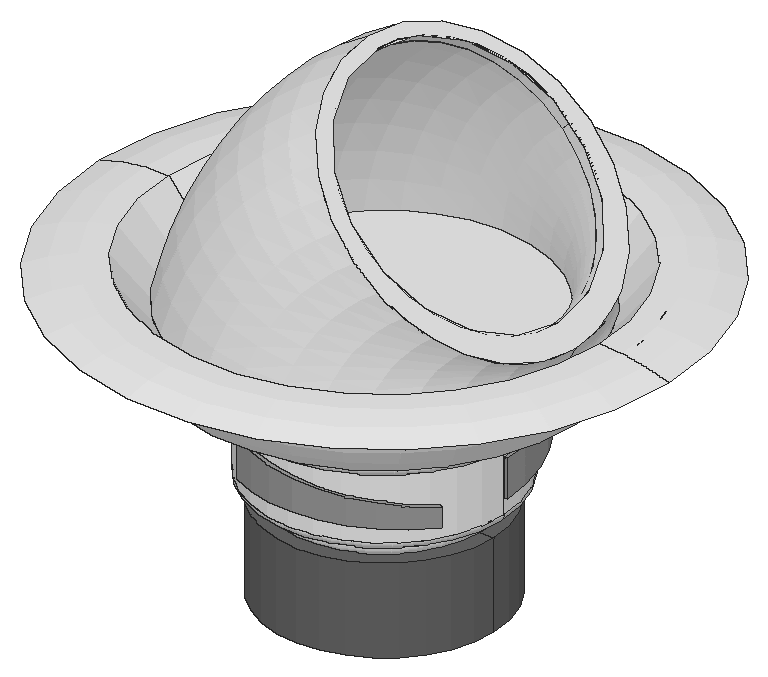
Revit family "LBE6A", category Lighting Fixtures, host Face, Revit 2014
Parameters (values of type "LBE6A")
  Wattage = 10.2 W
  built-in parameter 1150110 = 1 (stored number, unit not read)
  Voltage = 120 V
  built-in parameter 1114217 = 1 (stored number, unit not read)
  Tilt Angle = -90.00°
  built-in parameter 1150109 = 1 (stored number, unit not read)
  built-in parameter 1150134 = (empty or 0)
  built-in parameter 1150113 = 1 (stored number, unit not read)
  Power Factor = 1
  Photometric Web File = "LBEB6A7L30K9_WH.ies"
  More Photometric Web link = "https://www.hubbell.com/hubbelllightingci/en/Products/Lighting-Controls/Commercial-Indoor-Lighting/Recessed-Downlights/LB6-LBEB6/p/2200690#prod-resources-section"
  built-in parameter 1150105 = 57.468 (stored number, unit not read)
  Lumens = 722.16 lm
  built-in parameter 1150115 = 1 (stored number, unit not read)
  Load Classification = Lighting
  built-in parameter 1150137 = (empty or 0)
  built-in parameter 1150139 = (empty or 0)
  Wattage Comments = "Energy saving LED light engine with 10-watt input power"  # constant formula
  URL = "https://www.hubbell.com/prescolite/en/"
  Product Page URL = "https://www.hubbell.com/hubbelllightingci/en/Products/Lighting-Controls/Commercial-Indoor-Lighting/Recessed-Downlights/LB6-LBEB6/p/2200690"
  Product Documentation Link = "https://hubbellcdn.com/specsheet/lb_led_017.pdf"
  Model = "LBE6A"  # constant formula
  Manufacturer = "Prescolite"  # constant formula
  built-in parameter 1150112 = 1 (stored number, unit not read)
  built-in parameter 1150114 = 1 (stored number, unit not read)
  Lamp = "LED"  # constant formula
  Input Wattage = 10.2 W
  built-in parameter 1150132 = (empty or 0)
  built-in parameter 1150102 = (empty or 0)
  built-in parameter 1150107 = 3000 (stored number, unit not read)
  built-in parameter 1150138 = (empty or 0)
  built-in parameter 1150106 = 0.57468 (stored number, unit not read)
  Glass = Hubbell-White Glass
  Emit from Circle Diameter = 3"  # constant formula
  Emit Shape Visible in Rendering = no
  built-in parameter 1150104 = 6.5775 (stored number, unit not read)
  Dimming Lamp Color Temperature Shift = <None>
  Description = "LiteBox LED modules are designed for use in new construction as well as retrofit applications with existing Prescolite or competitive 6inch housings."  # constant formula
  Default Elevation = 48"
  Trim = Hubbell-White
  Contact us = "https://www.hubbell.com/hubbelllightingci/en/contactUs?productId=2200690"
  Color Filter = 16777215
  built-in parameter 1114218 = 1 (stored number, unit not read)
  built-in parameter 1150133 = 10 (stored number, unit not read)
  Apparent Load = Input Wattage / Power Factor  # 10.2 VA
Reference planes (in)
  plane 1 "Center (Front/Back)": y = 13.04941
  plane 2: z = 0
  plane 3 "Center (Left/Right)": x = 0
  plane 4: x = 3.875
  plane 5: z = -3.875
  plane 6: z = -2.72186
  plane 7: x = 2.93
  plane 8: through (2.46535, -180, 0.29988) normal (-0.7082, 0, -0.706)
Forms (in)
  Revolve 1, solid, material "Hubbell-White" <- "Trim"
    sketch origin (0, 13.04941, 0) x (1, 0, 0) y (0, 0, 1)
      loop
        line (2.93, 0.14614) -> (2.5, -0.37007) -> (0, -0.37007) -> (0, -2.72186) -> (1.25, -2.72186)
        arc (1.25, -2.72186) -> (1.33839, -2.68525) -> (1.375, -2.59686) r 0.125
        arc (1.375, -2.59686) -> (1.40429, -2.52615) -> (1.475, -2.49686) r 0.1
        line (1.475, -2.49686) -> (1.525, -2.49686)
        arc (1.525, -2.49686) -> (1.59571, -2.46757) -> (1.625, -2.39686) r 0.1
        line (1.625, -2.39686) -> (1.625, -1.56592)
        arc (1.625, -1.56592) -> (1.65429, -1.49521) -> (1.725, -1.46592) r 0.1
        line (1.725, -1.46592) -> (1.775, -1.46592)
        arc (1.775, -1.46592) -> (1.84571, -1.43663) -> (1.875, -1.36592) r 0.1
        line (1.875, -1.36592) -> (1.875, -1.22742)
        arc (1.875, -1.22742) -> (1.88268, -1.20858) -> (1.90135, -1.20048) r 0.02695
        arc (1.90135, -1.20048) -> (2.69275, -0.87928) -> (3.07042, -0.11321) r 1.20077
        arc (3.07042, -0.11321) -> (3.11074, -0.03254) -> (3.19486, 0) r 0.125
        line (3.19486, 0) -> (3.875, 0)
        arc (3.875, 0) -> (3.41026, 0.12327) -> (2.93, 0.14614) r 2.27552
      axis (0, 0.14614) -> (0, -2.72186)
    angle from 0 to 360
  SweptBlend 2, solid, material "Hubbell-Steel"
    path origin (-0.50429, 0, 0) x (1, 0, 0) y (0, 1, 0)
      loop
        arc (2.15897, 13.04941) -> (1.74351, 14.32272) -> (0.65703, 15.10598) r 2.15897
    profile origin (1.65468, 13.04941, 0) x (-1, 0, 0) y (0, 0, 1)
      loop
        line (0.02476, -1.68452) -> (-0.02387, -1.68452) -> (-0.02387, -2.18452) -> (0.02476, -2.18452) -> (0.02476, -1.68452)
    end profile origin (0.15273, 15.10598, 0) x (-0.304324, -0.952568, 0) y (0, 0, 1)
      loop
        line (0.02344, -1.75879) -> (-0.02344, -1.75879) -> (-0.02344, -2.00879) -> (0.02344, -2.00879) -> (0.02344, -1.75879)
  SweptBlend 3, solid, material "Hubbell-Steel"
    path origin (-11.04897, 20.01085, 0) x (-0.5, -0.866025, 0) y (0.866025, -0.5, 0)
      loop
        arc (2.15897, 13.04941) -> (1.74351, 14.32272) -> (0.65703, 15.10598) r 2.15897
    profile origin (-0.82734, 11.61642, 0) x (0.5, 0.866025, 0) y (0, 0, 1)
      loop
        line (0.02476, -1.68452) -> (-0.02387, -1.68452) -> (-0.02387, -2.18452) -> (0.02476, -2.18452) -> (0.02476, -1.68452)
    end profile origin (1.70467, 11.88886, 0) x (-0.672786, 0.739837, 0) y (0, 0, 1)
      loop
        line (0.02344, -1.75879) -> (-0.02344, -1.75879) -> (-0.02344, -2.00879) -> (0.02344, -2.00879) -> (0.02344, -1.75879)
  SweptBlend 4, solid, material "Hubbell-Steel"
    path origin (11.55327, 19.13739, 0) x (-0.5, 0.866025, 0) y (-0.866025, -0.5, 0)
      loop
        arc (2.15897, 13.04941) -> (1.74351, 14.32272) -> (0.65703, 15.10598) r 2.15897
    profile origin (-0.82734, 14.4824, 0) x (0.5, -0.866025, 0) y (0, 0, 1)
      loop
        line (0.02476, -1.68452) -> (-0.02387, -1.68452) -> (-0.02387, -2.18452) -> (0.02476, -2.18452) -> (0.02476, -1.68452)
    end profile origin (-1.85741, 12.1534, 0) x (0.977111, 0.212732, 0) y (0, 0, 1)
      loop
        line (0.02344, -1.75879) -> (-0.02344, -1.75879) -> (-0.02344, -2.00879) -> (0.02344, -2.00879) -> (0.02344, -1.75879)
  Extrusion 5, void
    sketch origin (0, 0, 0) x (1, 0, 0) y (0, 1, 0)
      loop
        circle (0, 13.04941) r 3.05004
    from 0 to -3.875
  SweptBlend 6, solid, material "Hubbell-White" <- "Trim"
    path origin (0, 13.04941, 0) x (1, 0, 0) y (0, 0, 1)
      loop
        arc (0, -0.37007) -> (0.22594, 0.76353) -> (0.86925, 1.72389) r 2.95672
    profile origin (0, 13.04941, -0.37007) x (-1, 0, 0) y (0, -1, 0)
      loop
        circle (0, 0) r 2.5
    end profile origin (0.86925, 13.04941, 1.72389) x (-0.706011, 0, 0.708201) y (0, -1, 0)
      loop
        circle (-0.46955, 0) r 2
  SweptBlend 7, void
    path origin (0, 13.04941, 0) x (1, 0, 0) y (0, 0, 1)
      loop
        arc (0, -0.37007) -> (0.22594, 0.76353) -> (0.86925, 1.72389) r 2.95672
    profile origin (0, 13.04941, -0.37007) x (-1, 0, 0) y (0, -1, 0)
      loop
        circle (0, 0) r 2
    end profile origin (0.86925, 13.04941, 1.72389) x (-0.706011, 0, 0.708201) y (0, -1, 0)
      loop
        circle (-0.38534, 0) r 1.75
  Extrusion 8, solid, material "Hubbell-White Glass" <- "Glass"
    sketch origin (1.20076, 13.04941, 1.39135) x (0, -1, 0) y (0.706011, 0, -0.708201)
      loop
        circle (-0.00011, -0.08422) r 1.75001
    from 0 to -0.16051
  Revolve 9, solid, material "Hubbell-Black"
    sketch origin (0, 13.04941, 0) x (1, 0, 0) y (0, 0, 1)
      loop
        line (1.49008, -3.875) -> (1.49008, -2.72186) -> (0, -2.72186) -> (0, -3.875) -> (1.49008, -3.875)
      axis (0, -2.72186) -> (0, -3.875)
    angle from 0 to 360
Cuts and joins
  SweptBlend 7 cuts SweptBlend 6
Dimensions and locks (in)
  locked: plane 2 to plane 5 at 3.875
  plane 4 to plane 3 "Center (Left/Right)" = 3 7/8"
  plane 7 to plane 3 "Center (Left/Right)" = 2.93"
  aligned and locked: plane 2 to host face
  aligned and locked: level to host face
  aligned and locked: Revolve 1 sketch curve to plane 3 "Center (Left/Right)"
  aligned and locked: Revolve 1 sketch curve to level
  aligned and locked: plane 3 "Center (Left/Right)" to Revolve 1 sketch curve
  aligned and locked: level to Extrusion 5
  aligned and locked: Extrusion 5 to plane 5
  aligned and locked: plane 6 to Revolve 1 sketch curve
  aligned and locked: Revolve 9 sketch curve to plane 6
  aligned and locked: plane 3 "Center (Left/Right)" to Revolve 9 sketch curve
  aligned and locked: Revolve 9 sketch curve to plane 3 "Center (Left/Right)"
  aligned and locked: imposter light to plane 8
Connectors (in)
  electrical at (0, 13.04941, -2.59334), driven by "Voltage", driven by "Apparent Load", driven by "Power Factor", driven by "Load Classification"
    settings: on Revolve 1, index 1, voltage 120 V, apparent load 10.2 VA, apparent load phase1 0 VA, apparent load phase2 0 VA, apparent load phase3 0 VA, power factor 1, load classification "Lighting", number of poles 1, system type 30, power factor state 1, is connector primary yes, connector utility no, sub classification motor no, connector description "Lighting Connector"
